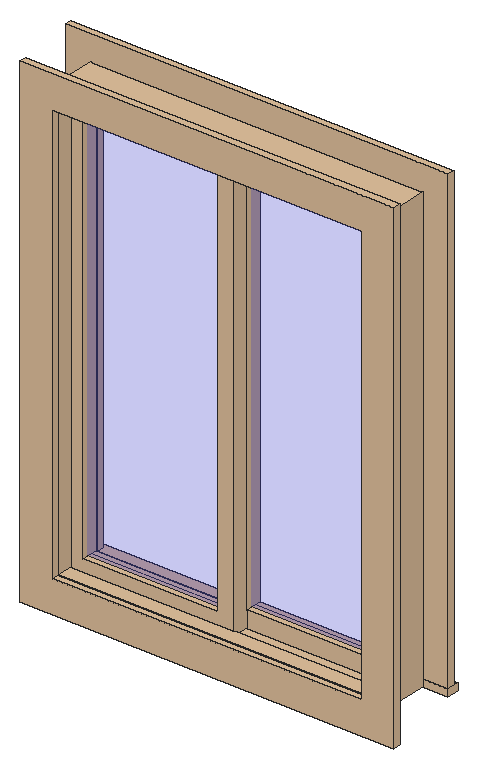
Revit family
Parameters (values of type "0915 x 1220mm")
  Glass Pane Material = Glass
  Height = 1220.00 mm
  Sash Material = Sash
  Default Sill Height = 915.00 mm
  Trim Exterior Material = Trim
  Trim Interior Material = Trim
  Trim Projection - Ext. = 19.00 mm
  Trim Projection - Int. = 19.00 mm
  Trim Width - Exterior = 89.00 mm
  Trim Width - Interior = 89.00 mm
  Wall Closure = (empty or 0)
  Width = 915.00 mm
  Window Inset = 19.00 mm
Types (7, lengths in mm): name | Height | Default Sill Height | Trim Projection - Ext. | Trim Projection - Int. | Trim Width - Exterior | Trim Width - Interior | Width | Window Inset
  (no name) | 1220.00 | 915.00 | 19.00 | 19.00 | 89.00 | 89.00 | 915.00 | 19.00
  0915 x 1220mm | 1220.00 | 915.00 | 19.00 | 19.00 | 89.00 | 89.00 | 915.00 | 19.00
  0915 x 0610mm | 610.00 | 915.00 | 19.00 | 19.00 | 89.00 | 89.00 | 915.00 | 19.00
  1830 x 0610mm | 609.60 | 914.40 | 19.05 | 19.05 | 88.90 | 88.90 | 1524.00 | 19.05
  1830 x 1220mm | 1219.20 | 914.40 | 19.05 | 19.05 | 88.90 | 88.90 | 1524.00 | 19.05
  1372 x 0610mm | 610.00 | 915.00 | 19.00 | 19.00 | 89.00 | 89.00 | 1372.00 | 19.00
  1372 x 1220mm | 1220.00 | 915.00 | 19.00 | 19.00 | 89.00 | 89.00 | 1372.00 | 19.00
Reference planes
  plane 1: y = 0
  plane 2: z = 0
  plane 3 "Center": x = 0
  plane 4 "Left": x = -457.5
  plane 5 "Right": x = 457.5
  plane 6 "Sill": z = 915
  plane 7 "Top": z = 2135
  plane 8: y = 76.2
  plane 9: y = -76.2
  plane 10: y = 57.2
  plane 11: x = -438.45
  plane 12: x = -425.75
  plane 13: x = -527.45
  plane 14: x = -514.75
  plane 15: x = 438.45
  plane 16: x = 514.75
  plane 17: x = 527.45
  plane 18: x = 425.75
  plane 19: z = 2204.95
  plane 20: z = 2115.95
  plane 21: z = 2103.25
  plane 22: z = 2192.25
  plane 23: z = 946.75
  plane 24: z = 857.75
  plane 25: y = 12.75
  plane 26: y = -31.7
  plane 27 "Closure": y = -15.825
Forms (mm)
  Extrusion 1, solid, material "Trim" <- "Trim Exterior Material"
    sketch origin (0, 0, 0) x (1, 0, 0) y (0, 0, 1)
      loop
        line (-457.5, 2135) -> (-457.5, 915) -> (457.5, 915) -> (457.5, 2135) -> (-457.5, 2135)
      loop
        line (-438.45, 2115.95) -> (-438.45, 934.05) -> (438.45, 934.05) -> (438.45, 2115.95) -> (-438.45, 2115.95)
    from -76.2 to 31.7
  Extrusion 2, solid, material "Trim" <- "Trim Interior Material"
    sketch origin (0, 0, 0) x (-1, 0, 0) y (0, 0, 1)
      loop
        line (-457.5, 2135) -> (-457.5, 915) -> (457.5, 915) -> (457.5, 2135) -> (-457.5, 2135)
      loop
        line (-425.75, 2103.25) -> (-425.75, 946.75) -> (425.75, 946.75) -> (425.75, 2103.25) -> (-425.75, 2103.25)
    from -31.7 to -76.2
  Extrusion 3, solid, material "Sash" <- "Sash Material"
    sketch origin (0, 0, 0) x (-1, 0, 0) y (0, 0, 1)
      loop
        line (-438.45, 2115.95) -> (-438.45, 934.05) -> (22.225, 934.05) -> (22.225, 2115.95) -> (-438.45, 2115.95)
      loop
        line (-394, 2071.5) -> (-394, 978.5) -> (-22.225, 978.5) -> (-22.225, 2071.5) -> (-394, 2071.5)
    from 12.75 to 57.2
  Extrusion 4, solid, material "Glass" <- "Glass Pane Material"
    sketch origin (-124.971, 0, -117.036) x (1, 0, 0) y (0, 0, 1)
      loop
        line (147.196, 2188.536) -> (147.196, 1095.536) -> (518.971, 1095.536) -> (518.971, 2188.536) -> (147.196, 2188.536)
    from -41.325 to -28.625
  Extrusion 5, solid, material "Trim" <- "Trim Interior Material"
    sketch origin (0, 0, 0) x (1, 0, 0) y (0, 0, 1)
      loop
        line (-425.75, 2103.25) -> (-425.75, 946.75) -> (425.75, 946.75) -> (425.75, 2103.25) -> (-425.75, 2103.25)
      loop
        line (-514.75, 2192.25) -> (-514.75, 857.75) -> (514.75, 857.75) -> (514.75, 2192.25) -> (-514.75, 2192.25)
    from 76.2 to 95.2
  Extrusion 6, solid, material "Trim" <- "Trim Exterior Material"
    sketch origin (0, 0, 0) x (-1, 0, 0) y (0, 0, 1)
      loop
        line (-438.45, 2115.95) -> (438.45, 2115.95) -> (438.45, 934.05) -> (527.45, 934.05) -> (527.45, 2204.95) -> (-527.45, 2204.95) -> (-527.45, 934.05) -> (-438.45, 934.05) -> (-438.45, 2115.95)
    from 76.2 to 95.2
  Extrusion 7, solid, material "Trim" <- "Trim Exterior Material"
    sketch origin (0, 0, 0) x (-1, 0, 0) y (0, 0, 1)
      loop
        line (-527.45, 934.05) -> (-527.45, 915) -> (527.45, 915) -> (527.45, 934.05) -> (-527.45, 934.05)
    from 76.2 to 107.9
  Extrusion 8, solid, material "Sash" <- "Sash Material"
    sketch origin (0, 0, 0) x (-1, 0, 0) y (0, 0, 1)
      loop
        line (-22.225, 2115.95) -> (-22.225, 934.05) -> (438.45, 934.05) -> (438.45, 2115.95) -> (-22.225, 2115.95)
      loop
        line (22.225, 2071.5) -> (22.225, 978.5) -> (394, 978.5) -> (394, 2071.5) -> (22.225, 2071.5)
    from -31.7 to 12.75
  Extrusion 9, solid, material "Glass" <- "Glass Pane Material"
    sketch origin (0, 0, 0) x (-1, 0, 0) y (0, 0, 1)
      loop
        line (22.225, 978.5) -> (394, 978.5) -> (394, 2071.5) -> (22.225, 2071.5) -> (22.225, 978.5)
    from -15.825 to -3.125
Lines and regions (mm)
  Opening 1
    outline origin (-1524, -76.2, 0) x (1, 0, 0) y (0, 0, 1)
      loop
        line (1066.5, 2135) -> (1066.5, 915) -> (1981.5, 915) -> (1981.5, 2135) -> (1066.5, 2135)
  symbolic lines, style "WindowsGlassProjection"
    curve 1: line (22.225, 34.975, 0) -> (394, 34.975, 0)
    curve 2: line (-22.225, -9.475, 0) -> (-394, -9.475, 0)
  symbolic lines, style "WindowsFrameMullionProjection"
    curve 3: line (-457.5, 76.2, 0) -> (-438.45, 76.2, 0)
    curve 4: line (-438.45, 76.2, 0) -> (-438.45, -31.7, 0)
    curve 5: line (-438.45, -31.7, 0) -> (-425.75, -31.7, 0)
    curve 6: line (-425.75, -31.7, 0) -> (-425.75, -76.2, 0)
    curve 7: line (-425.75, -76.2, 0) -> (-457.5, -76.2, 0)
    curve 8: line (-425.75, -31.7, 0) -> (-394, -31.7, 0)
    curve 9: line (-394, -31.7, 0) -> (-394, 12.75, 0)
    curve 10: line (-394, 12.75, 0) -> (-438.45, 12.75, 0)
    curve 11: line (22.225, 57.2, 0) -> (-22.225, 57.2, 0)
    curve 12: line (-22.225, 57.2, 0) -> (-22.225, -31.7, 0)
    curve 13: line (-22.225, -31.7, 0) -> (22.225, -31.7, 0)
    curve 14: line (22.225, -31.7, 0) -> (22.225, 57.2, 0)
    curve 15: line (22.225, 12.75, 0) -> (-22.225, 12.75, 0)
    curve 16: line (457.5, 76.2, 0) -> (438.45, 76.2, 0)
    curve 17: line (438.45, 76.2, 0) -> (438.45, -31.7, 0)
    curve 18: line (438.45, -31.7, 0) -> (425.75, -31.7, 0)
    curve 19: line (425.75, -31.7, 0) -> (425.75, -76.2, 0)
    curve 20: line (425.75, -76.2, 0) -> (457.5, -76.2, 0)
    curve 21: line (457.5, -76.2, 0) -> (457.5, 76.2, 0)
    curve 22: line (438.45, 57.2, 0) -> (394, 57.2, 0)
    curve 23: line (394, 57.2, 0) -> (394, 12.75, 0)
    curve 24: line (394, 12.75, 0) -> (438.45, 12.75, 0)
Text (mm)
  text "EXTERIOR" at (-1001.033, 1124.406, 0), in view "Floor Line"
  text "INTERIOR" at (-1001.033, -872.85, 0), in view "Floor Line"
  text "Exterior" at (0, -424.292, 2872.31), in view "Left"
  text "Exterior" at (0, 464.664, 3176.206), in view "Right"
Dimensions and locks
  equal spacing: plane 4 "Left", plane 3 "Center", plane 5 "Right"
  "Width": plane 4 "Left" to plane 5 "Right"
  "Window Inset": plane 8 to plane 10
  locked: plane 10 to Extrusion 3 at 44.45
  locked: plane 10 to Extrusion 4 at 15.875
  locked: Extrusion 4 to Extrusion 4 at 12.7
  "Trim Projection - Int.": Extrusion 5 to Extrusion 5
  "Trim Projection - Ext.": Extrusion 6 to Extrusion 6
  locked: Extrusion 7 sketch curve to Extrusion 1 at 19.05
  locked: Extrusion 7 to Extrusion 6 at 12.7
  locked: Extrusion 8 to Extrusion 3 at 88.9
  locked: Extrusion 8 to Extrusion 8 at 44.45
  locked: Extrusion 9 to Extrusion 8 at 15.875
  locked: Extrusion 9 to Extrusion 9 at 12.7
  locked: plane 4 "Left" to plane 11 at 19.05
  locked: plane 15 to plane 5 "Right" at 19.05
  locked: plane 4 "Left" to plane 12 at 31.75
  locked: plane 18 to plane 5 "Right" at 31.75
  "Trim Width - Exterior": plane 15 to plane 17
  "Trim Width - Exterior": plane 13 to plane 11
  "Trim Width - Interior": plane 14 to plane 12
  "Trim Width - Interior": plane 18 to plane 16
  locked: plane 7 "Top" to plane 21 at 31.75
  locked: plane 23 to plane 6 "Sill" at 31.75
  "Trim Width - Interior": plane 22 to plane 21
  "Trim Width - Interior": plane 23 to plane 24
  plane 20 to plane 7 "Top" = 19.05 mm
  "Trim Width - Exterior": plane 20 to plane 19
  "Default Sill Height": plane 6 "Sill" to plane 2
  plane 10 to plane 25 to plane 26 = 44.45 mm locked, 44.45 mm locked
  equal spacing: plane 26, curve 2, plane 25
  "Height": plane 6 "Sill" to plane 7 "Top"
  locked: plane 8 to plane 27 "Closure" at 92.025
  aligned and locked: plane 7 "Top" to Opening 1 sketch curve
  aligned and locked: plane 6 "Sill" to Opening 1 sketch curve  (x2)
  aligned and locked: plane 5 "Right" to Opening 1 sketch curve
  aligned and locked: plane 4 "Left" to Opening 1 sketch curve
  aligned and locked: plane 9 to host wall
  aligned and locked: host wall to Extrusion 2
  aligned and locked: plane 10 to Extrusion 3
  aligned and locked: plane 8 to host wall
  aligned and locked: host wall to Extrusion 1
  aligned and locked: Extrusion 4 sketch curve to Extrusion 3  (x4)
  aligned and locked: Extrusion 5 sketch curve to Extrusion 2  (x4)
  aligned and locked: Extrusion 5 to host wall
  aligned and locked: Extrusion 6 sketch curve to Extrusion 1  (x4)
  aligned and locked: Extrusion 6 to host wall
  aligned and locked: Extrusion 7 sketch curve to Extrusion 6  (x2)
  aligned and locked: Extrusion 7 to host wall
  aligned and locked: Extrusion 8 sketch curve to Extrusion 6  (x2)
  aligned and locked: Extrusion 2 to Extrusion 8
  aligned and locked: Extrusion 1 to Extrusion 2
  aligned and locked: Extrusion 8 to Extrusion 9 sketch curve  (x2)
  aligned and locked: Extrusion 6 to Extrusion 8 sketch curve
  aligned and locked: Extrusion 3 sketch curve to Extrusion 1
  aligned and locked: Extrusion 3 to Extrusion 9 sketch curve
  aligned and locked: curve 1 to Extrusion 3
  aligned and locked: Extrusion 3 to curve 1
  aligned and locked: Extrusion 8 to curve 2
  aligned and locked: curve 2 to Extrusion 8
  aligned and locked: curve 15 to Extrusion 3
  aligned and locked: curve 18 to plane 26
  aligned and locked: plane 25 to curve 24
  aligned and locked: plane 20 to Extrusion 3 sketch curve
  aligned and locked: plane 19 to Extrusion 6 sketch curve
  aligned and locked: Extrusion 6 sketch curve to plane 17
  aligned and locked: Extrusion 6 sketch curve to plane 13
Automatic sketch dimensions
  Extrusion 1 sketch curve to plane 4 "Left" = 0.00 mm
  Extrusion 1 sketch curve to plane 5 "Right" = 0.00 mm
  Extrusion 1 sketch curve to plane 4 "Left" = 19.05 mm
  plane 5 "Right" to Extrusion 1 sketch curve = 19.05 mm
  Extrusion 1 sketch curve to plane 6 "Sill" = 0.00 mm
  Extrusion 1 sketch curve to plane 7 "Top" = 0.00 mm
  Extrusion 1 sketch curve to plane 6 "Sill" = 19.05 mm
  plane 7 "Top" to Extrusion 1 sketch curve = 19.05 mm
  Extrusion 2 sketch curve to plane 5 "Right" = 0.00 mm
  Extrusion 2 sketch curve to plane 4 "Left" = 0.00 mm
  plane 5 "Right" to Extrusion 2 sketch curve = 31.75 mm
  Extrusion 2 sketch curve to plane 4 "Left" = 31.75 mm
  Extrusion 2 sketch curve to plane 6 "Sill" = 0.00 mm
  Extrusion 2 sketch curve to plane 7 "Top" = 0.00 mm
  Extrusion 2 sketch curve to plane 6 "Sill" = 31.75 mm
  plane 7 "Top" to Extrusion 2 sketch curve = 31.75 mm
  Extrusion 8 sketch curve to Extrusion 8 sketch curve = 44.45 mm  (x3)
  plane 3 "Center" to Extrusion 8 sketch curve = 22.225 mm
  Extrusion 8 sketch curve to plane 3 "Center" = 22.225 mm
  Extrusion 5 sketch curve to plane 14 = 0.00 mm
  Extrusion 5 sketch curve to plane 16 = 0.00 mm
  Extrusion 5 sketch curve to plane 24 = 0.00 mm
  Extrusion 5 sketch curve to plane 22 = 0.00 mm
  Extrusion 7 sketch curve to plane 13 = 0.00 mm
  Extrusion 9 sketch curve to plane 12 = 31.75 mm
  curve 7 to host wall = 0.00 mm
  curve 7 to plane 4 "Left" = 0.00 mm
  curve 3 to host wall = 0.00 mm
  curve 3 to plane 4 "Left" = 0.00 mm
  curve 5 to plane 11 = 0.00 mm
  curve 5 to plane 12 = 0.00 mm
  curve 19 to plane 18 = 0.00 mm
  curve 18 to plane 15 = 0.00 mm
  curve 20 to host wall = 0.00 mm
  curve 20 to plane 5 "Right" = 0.00 mm
  curve 5 to plane 26 = 0.00 mm
  curve 13 to plane 26 = 0.00 mm
  curve 10 to plane 25 = 0.00 mm
  curve 11 to plane 10 = 0.00 mm
  curve 22 to plane 10 = 0.00 mm
  curve 17 to host wall = 0.00 mm
  curve 1 to plane 10 = 22.225 mm
  Extrusion 3 sketch curve to plane 15 = 0.00 mm
  plane 18 to Extrusion 3 sketch curve = 31.75 mm
  plane 3 "Center" to Extrusion 3 sketch curve = 22.225 mm
  Extrusion 3 sketch curve to plane 3 "Center" = 22.225 mm
  Extrusion 3 sketch curve to plane 23 = 31.75 mm
  plane 21 to Extrusion 3 sketch curve = 31.75 mm
  plane 23 to Extrusion 6 sketch curve = 12.70 mm
